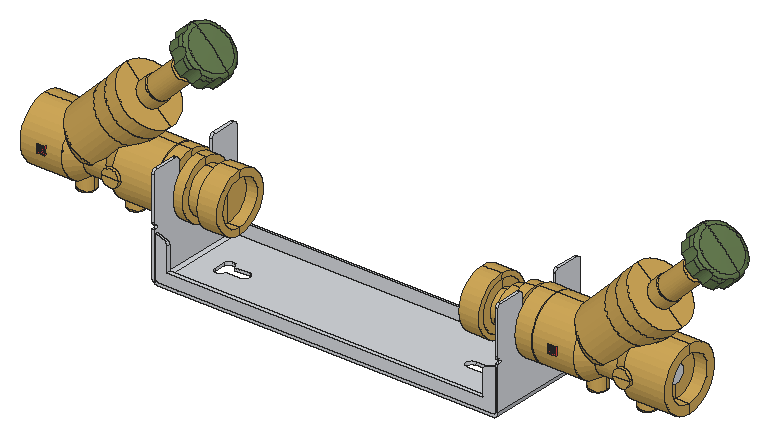
Revit family "Wasserzählergarnitur 4126", category Rohrzubehör, Revit 2018
Family settings
  Bemaßung runder Anschluss = Durchmesser verwenden
  Teiletyp = Unterbricht
  OmniClass-Nummer = 23.65.55.14
  OmniClass-Titel = Valves for Liquid Services
  Arbeitsebenenbasiert = Nein
  Immer vertikal = Ja
  Beim Laden mit Abzugskörper schneiden = Nein
  Gemeinsam genutzt = Nein
Parameters
  Öffnungsdruck des Rückflussverhinderers (Ventil) = "gemäß DIN EN 13959"  # constant formula
  W01 = 20.00°  # constant formula
  URL = "www.herz-armaturen.at"
  T03 [instance] = R02 - 3.000 mm  # 54.500 mm
  T02 = 17.000 mm  # constant formula
  T01 = 3.000 mm  # constant formula
  Spindel = "geschmiedetes Messing CW 617N"  # constant formula
  SW03 [instance] = size_lookup("4126W_", "SW3", 1.000 mm, Nennweite AG)  # 32.500 mm
  SW02 [instance] = size_lookup("4126W_", "SW2", 1.000 mm, Nennweite AG)  # 32.500 mm
  SW01 [instance] = size_lookup("4126W_", "SW1", 1.000 mm, Nennweite AG)  # 35.000 mm
  SC_NennweiteBerechnet = 0
  SC_Dimension = ""
  SCTWSEQ = "AW;SBT_TYP_AW=\"105\";2"
  SCTWCODE = "02;01;02"  # constant formula
  S05 [instance] = L02 + L12 - L03  # 214.500 mm
  S04 [instance] = L02 + L04 - L03  # 211.500 mm
  S03 = 10.000 mm  # constant formula
  S02 [instance] = Nennweite IG  # 50.000 mm
  S01 [instance] = L01 - L03  # 56.000 mm
  S = 3.000 mm  # constant formula
  R50 = 4.000 mm  # constant formula
  R02 [instance] = size_lookup("4126W_", "R2", 1.000 mm, Nennweite AG)  # 57.500 mm
  R01 [instance] = size_lookup("4126W_", "R1", 1.000 mm, Nennweite AG)  # 24.000 mm
  Nennweite IG [instance] = size_lookup("4126W_", "DN1", 1.000 mm, Nennweite AG)  # 50.000 mm
  Nennweite AG [instance] = 50.000 mm
  Medium = "Trinkwasser"  # constant formula
  Max. Differenzdruck auf geschlossenen Sitz (Ventil) = 1000000.0 Pa  # constant formula
  Max. Betriebstemperatur (Ventil) = 80 °C  # constant formula
  Max. Betriebsdruck (Ventil) = 1600000.0 Pa  # constant formula
  L99 [instance] = size_lookup("4126W_", "L99", 1.000 mm, Nennweite AG)  # 300.000 mm
  L15 = 2.000 mm  # constant formula
  L14 [instance] = size_lookup("4126W_", "L14", 1.000 mm, Nennweite AG)  # 64.000 mm
  L13 [instance] = size_lookup("4126W_", "L13", 1.000 mm, Nennweite AG)  # 54.500 mm
  L12 [instance] = size_lookup("4126W_", "L12", 1.000 mm, Nennweite AG)  # 39.500 mm
  L11 [instance] = size_lookup("4126W_", "L11", 1.000 mm, Nennweite AG)  # 70.000 mm
  L10 [instance] = size_lookup("4126W_", "L10", 1.000 mm, Nennweite AG)  # 15.000 mm
  L09 [instance] = size_lookup("4126W_", "L9", 1.000 mm, Nennweite AG)  # 25.500 mm
  L08 [instance] = size_lookup("4126W_", "L8", 1.000 mm, Nennweite AG)  # 13.400 mm
  L07 [instance] = size_lookup("4126W_", "L7", 1.000 mm, Nennweite AG)  # 22.000 mm
  L06 [instance] = size_lookup("4126W_", "L6", 1.000 mm, Nennweite AG)  # 25.000 mm
  L05 [instance] = size_lookup("4126W_", "L5", 1.000 mm, Nennweite AG)  # 35.500 mm
  L04 [instance] = size_lookup("4126W_", "L4", 1.000 mm, Nennweite AG)  # 36.500 mm
  L03 [instance] = size_lookup("4126W_", "L3", 1.000 mm, Nennweite AG)  # 21.000 mm
  L02 [instance] = (L00 / 2) + 1.000 mm  # 196.000 mm
  L01 [instance] = size_lookup("4126W_", "L1", 1.000 mm, Nennweite AG)  # 77.000 mm
  L00 [instance] = size_lookup("4126W_", "L", 1.000 mm, Nennweite AG)  # 390.000 mm
  Kegel = "geschmiedetes Messing CW 617N"  # constant formula
  Hinweis = "Gemäß Art 33 der REACH-Verordnung (EG Nr. 1907/2006) sind wir verpflichtet, darauf hinzuweisen, dass der Stoff Blei auf der SVHC-Liste geführt wird und dass alle aus Messing bestehenden Bauteile, die in unseren Erzeugnissen verarbeitet sind, mehr als 0,1 % (w/w) Blei (CAS: 7439-92-1 / EINECS: 231-100-4) enthalten.\r\nDa Blei als Legierungsbestandteil fest gebunden ist, sind keine Expositionen zu erwarten und daher sind keine zusätzlichen Angaben zur sicheren Verwendung notwendig."
  Hersteller = "HERZ Armaturen Ges.m.b.H."  # constant formula
  Handrad = "Kunststoff, grün"  # constant formula
  H01 [instance] = 75.000 mm  # constant formula
  H00 [instance] = 115.000 mm  # constant formula
  Gelegentliche Temperaturanstiege (Ventil) = "bis 95°C, nicht länger als eine Stunde"  # constant formula
  Gehäuse = "entzinkungsbeständiges Gussmessing CC770S"  # constant formula
  G2 [instance] = Nennweite IG / 2  # 25.000 mm
  G1 [instance] = Nennweite AG / 2  # 25.000 mm
  DN50 [instance] = Nennweite AG = 50.000 mm  # yes
  DN40 [instance] = Nennweite AG = 40.000 mm  # no
  DN32 [instance] = Nennweite AG = 32.000 mm  # no
  DN25 [instance] = Nennweite AG = 25.000 mm  # no
  DN20 [instance] = Nennweite AG = 20.000 mm  # no
  D06 [instance] = size_lookup("4126W_", "D6", 1.000 mm, Nennweite AG)  # 21.500 mm
  D05 [instance] = size_lookup("4126W_", "D5", 1.000 mm, Nennweite AG)  # 27.000 mm
  D04 [instance] = size_lookup("4126W_", "D4", 1.000 mm, Nennweite AG)  # 18.200 mm
  D03 [instance] = size_lookup("4126W_", "D3", 1.000 mm, Nennweite AG)  # 25.000 mm
  D02 [instance] = size_lookup("4126W_", "D2", 1.000 mm, Nennweite AG)  # 25.000 mm
  D01 [instance] = size_lookup("4126W_", "D1", 1.000 mm, Nennweite AG)  # 22.500 mm
  Bügel = "offenen verzinkten Stahlblech"  # constant formula
  Bestellnummer [instance] = size_lookup("4126W_", "Artnr", 0, Nennweite AG)  # 2412666
  Anwendungsgebiet = "Zum Absperren von Trinkwasserleitungen und zum Einsetzen einer Wasserzählergarnitur."
  ABvor [instance] = size_lookup("4126W_", "ABvor", 1.000 mm, Nennweite AG)  # 346.500 mm
  ABnach [instance] = size_lookup("4126W_", "ABnach", 1.000 mm, Nennweite AG)  # 349.500 mm
Reference planes
  plane 1 "Mitte (Vorne/hinten)": y = 0
  plane 2: z = 0
  plane 3 "Mitte (Links/rechts)": x = 0
Forms (mm)
  Extrusion 1, solid, detail levels fine
    sketch origin (0, 0, 0) x (1, 0, 0) y (0, 0, 1)
      loop
        line (195, 40) -> (192, 40) -> (192, -69)
        arc (192, -69) -> (191.121, -71.121) -> (189, -72) r 3
        line (189, -72) -> (-189, -72)
        arc (-189, -72) -> (-191.121, -71.121) -> (-192, -69) r 3
        line (-192, -69) -> (-192, 40) -> (-195, 40) -> (-195, -69)
        arc (-195, -69) -> (-193.243, -73.243) -> (-189, -75) r 6
        line (-189, -75) -> (189, -75)
        arc (189, -75) -> (193.243, -73.243) -> (195, -69) r 6
        line (195, -69) -> (195, 40)
    from -57.5 to 57.5
  Extrusion 2, solid, detail levels fine
    sketch origin (0, 0, 0) x (1, 0, 0) y (0, 0, 1)
      loop
        line (-192, -23.301) -> (-192, -69)
        arc (-192, -69) -> (-191.121, -71.121) -> (-189, -72) r 3
        line (-189, -72) -> (189, -72)
        arc (189, -72) -> (191.121, -71.121) -> (192, -69) r 3
        line (192, -69) -> (192, -23.301) -> (180.632, -27.439)
        arc (180.632, -27.439) -> (178.723, -28.904) -> (178, -31.198) r 4
        line (178, -31.198) -> (178, -58) -> (-178, -58) -> (-178, -31.198)
        arc (-178, -31.198) -> (-178.723, -28.904) -> (-180.632, -27.439) r 4
        line (-180.632, -27.439) -> (-192, -23.301)
    from -57.5 to -54.5
  Extrusion 3, void
    sketch origin (0, 0, 0) x (0, 1, 0) y (0, 0, 1)
      loop
        arc (-24, 0) -> (0, -24) -> (24, 0) r 24
        line (24, 0) -> (24, 36)
        arc (24, 36) -> (25.172, 38.828) -> (28, 40) r 4
        line (28, 40) -> (53.5, 40)
        arc (53.5, 40) -> (56.328, 38.828) -> (57.5, 36) r 4
        line (57.5, 36) -> (57.5, -13)
        arc (57.5, -13) -> (56.621, -15.121) -> (54.5, -16) r 3
        arc (54.5, -16) -> (52.5, -18) -> (54.5, -20) r 2
        line (54.5, -20) -> (65.5, -20) -> (65.5, 45) -> (-65.5, 45) -> (-65.5, -20) -> (-54.5, -20)
        arc (-54.5, -20) -> (-52.5, -18) -> (-54.5, -16) r 2
        arc (-54.5, -16) -> (-56.621, -15.121) -> (-57.5, -13) r 3
        line (-57.5, -13) -> (-57.5, 36)
        arc (-57.5, 36) -> (-56.328, 38.828) -> (-53.5, 40) r 4
        line (-53.5, 40) -> (-28, 40)
        arc (-28, 40) -> (-25.172, 38.828) -> (-24, 36) r 4
        line (-24, 36) -> (-24, 0)
    from 300 to -300
  Extrusion 4, void
    sketch origin (0, 0, 0) x (1, 0, 0) y (0, 1, 0)
      loop
        arc (119.097, 6.1) -> (112.997, 0) -> (119.097, -6.1) r 6.1
        line (119.097, -6.1) -> (158.897, -6.1)
        arc (158.897, -6.1) -> (164.997, 0) -> (158.897, 6.1) r 6.1
        line (158.897, 6.1) -> (119.097, 6.1)
      loop
        line (-165, 6.1) -> (-165, -6.1)
        arc (-165, -6.1) -> (-158.9, -12.2) -> (-152.8, -6.1) r 6.1
        line (-152.8, -6.1) -> (-136.1, -6.1)
        arc (-136.1, -6.1) -> (-130, 0) -> (-136.1, 6.1) r 6.1
        line (-136.1, 6.1) -> (-152.8, 6.1)
        arc (-152.8, 6.1) -> (-158.9, 12.2) -> (-165, 6.1) r 6.1
    from -75 to -72
  Revolve 5, solid, material "Messing, weicher Gelbton, geschweißt", detail levels fine
    sketch origin (0, 0, 0) x (1, 0, 0) y (0, 0, 1)
      loop
        line (-232.5, 0) -> (-155.5, 0) -> (-155.5, 25) -> (-180.5, 25) -> (-180.5, 32.5) -> (-191, 32.5) -> (-191, 22.5) -> (-196, 22.5) -> (-196, 35) -> (-211.5, 35) -> (-211.5, 25) -> (-232.5, 25) -> (-232.5, 0)
      axis (-232.5, 0) -> (-155.5, 0)
    angle from 0 to 360
  Revolve 6, solid, material "Messing, weicher Gelbton, geschweißt", detail levels fine
    sketch origin (0, 0, 0) x (1, 0, 0) y (0, 0, 1)
      loop
        line (-164.1, 0) -> (-155.5, 0) -> (-155.5, 25) -> (-142.1, 25) -> (-142.1, 32.5) -> (-164.1, 32.5) -> (-164.1, 0)
      axis (-164.1, 0) -> (-142.1, 0)
    angle from 0 to 360
  Revolve 7, solid, material "Messing, weicher Gelbton, geschweißt", detail levels fine
    sketch origin (0, 0, 0) x (-1, 0, 0) y (0, 0, 1)
      loop
        line (-235.5, 0) -> (-198, 0) -> (-198, 18.2) -> (-165.5, 18.2) -> (-165.5, 25) -> (-180.5, 25) -> (-180.5, 32.5) -> (-191, 32.5) -> (-191, 22.5) -> (-196, 22.5) -> (-196, 35) -> (-214.5, 35) -> (-214.5, 25) -> (-235.5, 25) -> (-235.5, 0)
      axis (-235.5, 0) -> (-165.5, 0)
    angle from 0 to 360
  Revolve 8, solid, material "Messing, weicher Gelbton, geschweißt", detail levels fine
    sketch origin (0, 0, 0) x (1, 0, 0) y (0, 0, 1)
      loop
        line (208.5, 0) -> (208.5, 18.2) -> (154, 18.2) -> (154, 27) -> (146.5, 27) -> (146.5, 21.5) -> (144.5, 21.5) -> (144.5, 0) -> (208.5, 0)
      axis (144.5, 0) -> (208.5, 0)
    angle from 0 to 360
  Revolve 9, solid, material "Messing, weicher Gelbton, geschweißt", detail levels fine
    sketch origin (-18.22, 0, 0) x (-1, 0, 0) y (0, 0, 1)
      loop
        line (-171.32, 0) -> (-162.72, 0) -> (-162.72, 25) -> (-149.32, 25) -> (-149.32, 32.5) -> (-171.32, 32.5) -> (-171.32, 0)
      axis (-171.32, 0) -> (-149.32, 0)
    angle from 0 to 360
  Extrusion 10, solid, detail levels fine
    sketch origin (0, 0, 0) x (1, 0, 0) y (0, 0, 1)
      loop
        line (-192, -23.301) -> (-192, -69)
        arc (-192, -69) -> (-191.121, -71.121) -> (-189, -72) r 3
        line (-189, -72) -> (189, -72)
        arc (189, -72) -> (191.121, -71.121) -> (192, -69) r 3
        line (192, -69) -> (192, -23.301) -> (180.632, -27.439)
        arc (180.632, -27.439) -> (178.723, -28.904) -> (178, -31.198) r 4
        line (178, -31.198) -> (178, -58) -> (-178, -58) -> (-178, -31.198)
        arc (-178, -31.198) -> (-178.723, -28.904) -> (-180.632, -27.439) r 4
        line (-180.632, -27.439) -> (-192, -23.301)
    from 54.5 to 57.5
  Extrusion 11, solid, detail levels fine
    sketch origin (55, 0, 0) x (0, 1, 0) y (0, 0, -1)
      loop
        circle (0, 0) r 10
    from 398.5 to 401.5
  Extrusion 12, solid, detail levels fine
    sketch origin (125, 0, 0) x (0, 1, 0) y (0, 0, -1)
      loop
        circle (0, 0) r 10
    from -224.5 to -221.5
Cuts and joins
  Extrusion 3, Extrusion 4 cuts Extrusion 1
Lines and regions (mm)
  model lines, detail levels coarse+medium
    curve 1: line (-211.5, 0, 0) -> (-155.5, 0, 0)
    curve 2: line (-155.5, 0, 25) -> (-155.5, 0, -25)
    curve 3: line (-155.5, 0, 25) -> (-165.5, 0, 25)
    curve 4: line (-165.5, 0, 25) -> (-155.5, 0, 0)
    curve 5: line (-155.5, 0, -25) -> (-165.5, 0, -25)
    curve 6: line (-165.5, 0, -25) -> (-155.5, 0, 0)
    curve 7: line (144.5, 0, 25) -> (144.5, 0, -25)
    curve 8: line (144.5, 0, 25) -> (154.5, 0, 25)
    curve 9: line (154.5, 0, 25) -> (144.5, 0, 0)
    curve 10: line (144.5, 0, -25) -> (154.5, 0, -25)
    curve 11: line (154.5, 0, -25) -> (144.5, 0, 0)
    curve 12: line (214.5, 0, 0) -> (144.5, 0, 0)
    curve 13: line (144.5, -25, 0) -> (144.5, 25, 0)
    curve 14: line (144.5, 25, 0) -> (154.5, 25, 0)
    curve 15: line (154.5, 25, 0) -> (144.5, 0, 0)
    curve 16: line (144.5, -25, 0) -> (154.5, -25, 0)
    curve 17: line (154.5, -25, 0) -> (144.5, 0, 0)
    curve 18: line (-155.5, -25, 0) -> (-155.5, 25, 0)
    curve 19: line (-155.5, 25, 0) -> (-165.5, 25, 0)
    curve 20: line (-165.5, 25, 0) -> (-155.5, 0, 0)
    curve 21: line (-155.5, -25, 0) -> (-165.5, -25, 0)
    curve 22: line (-165.5, -25, 0) -> (-155.5, 0, 0)
Dimensions and locks
  "H00": Extrusion 1 sketch curve to Extrusion 1 sketch curve  (x2)
  "T01": Extrusion 1 sketch curve to Extrusion 1 sketch curve  (x3)
  "L00": Extrusion 1 sketch curve to Extrusion 1 sketch curve
  equal spacing: Extrusion 1 sketch curve, plane 3 "Mitte (Links/rechts)", Extrusion 1 sketch curve
  "H01": plane 2 to Extrusion 1 sketch curve
  "T02": Extrusion 2 sketch curve to Extrusion 1
  "T02": Extrusion 1 to Extrusion 2 sketch curve  (x2)
  Extrusion 4 sketch curve to cut or joined group of Extrusion 1, Extrusion 3, Extrusion 4 = 36.103 mm
  Extrusion 4 sketch curve to Extrusion 4 sketch curve = 39.800 mm
  equal spacing: Extrusion 4 sketch curve, plane 1 "Mitte (Vorne/hinten)", Extrusion 4 sketch curve
  Extrusion 4 sketch curve to Extrusion 4 sketch curve = 12.200 mm
  cut or joined group of Extrusion 1, Extrusion 3, Extrusion 4 to Extrusion 4 sketch curve = 36.100 mm
  cut or joined group of Extrusion 1, Extrusion 3, Extrusion 4 to Extrusion 4 sketch curve = 58.900 mm
  "G1": Revolve 5 sketch curve to Revolve 5 sketch curve
  "L03": Revolve 5 sketch curve to Revolve 5 sketch curve
  "L01": Revolve 5 sketch curve to Revolve 5 sketch curve
  "L02": plane 3 "Mitte (Links/rechts)" to Revolve 5 sketch curve
  "SW01": Revolve 5 sketch curve to Revolve 5 sketch curve
  "SW02": Revolve 5 sketch curve to Revolve 5 sketch curve
  "D01": Revolve 5 sketch curve to Revolve 5 sketch curve
  "L04": Revolve 5 sketch curve to Revolve 5 sketch curve
  "L05": Revolve 5 sketch curve to Revolve 5 sketch curve
  "L06": Revolve 5 sketch curve to Revolve 5 sketch curve
  "D02": Revolve 5 sketch curve to Revolve 5 sketch curve
  "L07": Revolve 6 sketch curve to Revolve 6 sketch curve
  "SW03": Revolve 6 sketch curve to plane 2
  "G2": Revolve 6 sketch curve to plane 2
  "L08": Revolve 6 sketch curve to Revolve 5
  "L08": Revolve 6 sketch curve to Revolve 6 sketch curve
  "G1": Revolve 7 sketch curve to Revolve 7 sketch curve
  "L03": Revolve 7 sketch curve to Revolve 7 sketch curve
  "L11": Revolve 7 sketch curve to Revolve 7 sketch curve
  "SW01": Revolve 7 sketch curve to Revolve 7 sketch curve
  "SW02": Revolve 7 sketch curve to Revolve 7 sketch curve
  "D01": Revolve 7 sketch curve to Revolve 7 sketch curve
  "L12": Revolve 7 sketch curve to Revolve 7 sketch curve
  "L09": Revolve 7 sketch curve to Revolve 7 sketch curve
  "L10": Revolve 7 sketch curve to Revolve 7 sketch curve
  "D03": Revolve 7 sketch curve to Revolve 7 sketch curve
  "L02": plane 3 "Mitte (Links/rechts)" to Revolve 7 sketch curve
  "D04": Revolve 7 sketch curve to plane 2
  "D04": Revolve 8 sketch curve to Revolve 8 sketch curve
  "L13": Revolve 8 sketch curve to Revolve 8 sketch curve
  "L14": Revolve 8 sketch curve to Revolve 8 sketch curve
  "L15": Revolve 8 sketch curve to Revolve 8 sketch curve
  "D05": Revolve 8 sketch curve to Revolve 8 sketch curve
  "D06": Revolve 8 sketch curve to Revolve 8 sketch curve
  "L99": Revolve 5 to Revolve 8
  "L07": Revolve 9 sketch curve to Revolve 9 sketch curve
  "L08": Revolve 9 sketch curve to Revolve 9 sketch curve
  "L08": Revolve 8 to Revolve 9 sketch curve
  "T03": plane 1 "Mitte (Vorne/hinten)" to Extrusion 2
  "R02": cut or joined group of Extrusion 1, Extrusion 3, Extrusion 4 to plane 1 "Mitte (Vorne/hinten)" to cut or joined group of Extrusion 1, Extrusion 3, Extrusion 4
  "R02": plane 1 "Mitte (Vorne/hinten)" to Extrusion 2
  "R02": Extrusion 3 sketch curve to plane 1 "Mitte (Vorne/hinten)" to Extrusion 3 sketch curve
  "R01": Extrusion 3 sketch curve to plane 1 "Mitte (Vorne/hinten)" to Extrusion 3 sketch curve
  "T02": cut or joined group of Extrusion 1, Extrusion 3, Extrusion 4 to Extrusion 10 sketch curve  (x2)
  "T02": Extrusion 10 sketch curve to cut or joined group of Extrusion 1, Extrusion 3, Extrusion 4
  "T03": Extrusion 10 to plane 1 "Mitte (Vorne/hinten)"
  "R02": Extrusion 10 to plane 1 "Mitte (Vorne/hinten)"
  "G2": Revolve 9 sketch curve to plane 2
  "SW03": Revolve 9 sketch curve to level
  "S01": curve 1 to curve 1
  equal spacing: curve 2, plane 2, curve 2
  "S02": curve 2 to curve 2
  "S03": curve 4 to curve 2
  "S04": plane 3 "Mitte (Links/rechts)" to curve 1
  "S03": curve 6 to curve 2
  equal spacing: curve 7, plane 2, curve 7
  "S02": curve 7 to curve 7
  "S03": curve 9 to curve 7
  "S03": curve 11 to curve 7
  "S05": curve 12 to plane 3 "Mitte (Links/rechts)"
  "L99": curve 12 to curve 6
  equal spacing: curve 13, plane 1 "Mitte (Vorne/hinten)", curve 13
  "S02": curve 13 to curve 13
  "S03": curve 13 to curve 15
  "S03": curve 13 to curve 17
  equal spacing: curve 18, plane 1 "Mitte (Vorne/hinten)", curve 18
  "S02": curve 18 to curve 18
  "S03": curve 18 to curve 20
  "S03": curve 18 to curve 22
  "L99": curve 18 to Revolve 9
  "L99": Revolve 6 to curve 13
  "ABnach": Extrusion 12 to plane 3 "Mitte (Links/rechts)"
  "ABvor": plane 3 "Mitte (Links/rechts)" to Extrusion 11
  "S": Extrusion 11 to Extrusion 11
  "S": Extrusion 12 to Extrusion 12
  radius of Extrusion 4 sketch curve = 6.100 mm  (x3)
  "R50": radius of Extrusion 3 sketch curve  (x4)
  "W01": angle Extrusion 2 sketch curve to plane 2
  "W01": angle plane 2 to Extrusion 2 sketch curve
  "W01": angle Extrusion 10 sketch curve to plane 2
  "W01": angle plane 2 to Extrusion 10 sketch curve
  aligned and locked: level to plane 2
Automatic sketch dimensions
  plane 1 "Mitte (Vorne/hinten)" to Extrusion 4 sketch curve = 0.000 mm
  Extrusion 4 sketch curve to Extrusion 4 sketch curve = 0.000 mm  (x2)
  Extrusion 4 sketch curve to Extrusion 4 sketch curve = 6.100 mm
  Revolve 5 sketch curve to level = 0.000 mm  (x2)
  Revolve 5 sketch curve to Revolve 5 sketch curve = 1448.205 mm
  plane 3 "Mitte (Links/rechts)" to Revolve 5 sketch curve = 1739.472 mm
  Revolve 6 sketch curve to level = 0.000 mm  (x2)
  Revolve 6 sketch curve to Revolve 6 sketch curve = 1428.686 mm
  plane 3 "Mitte (Links/rechts)" to Revolve 6 sketch curve = 1839.148 mm
  Revolve 7 sketch curve to level = 0.000 mm  (x2)
  Revolve 7 sketch curve to Revolve 7 sketch curve = 2.000 mm
  Revolve 7 sketch curve to Revolve 7 sketch curve = 1448.205 mm
  plane 3 "Mitte (Links/rechts)" to Revolve 7 sketch curve = 1739.472 mm
  Revolve 9 sketch curve to level = 0.000 mm  (x2)
  Revolve 9 sketch curve to Revolve 9 sketch curve = 1428.686 mm
  plane 3 "Mitte (Links/rechts)" to Revolve 9 sketch curve = 1857.367 mm
  Extrusion 11 sketch curve to level = 0.000 mm
  Extrusion 11 sketch curve to plane 1 "Mitte (Vorne/hinten)" = 0.000 mm
  Extrusion 12 sketch curve to level = 0.000 mm
  Extrusion 12 sketch curve to plane 1 "Mitte (Vorne/hinten)" = 0.000 mm
  curve 12 to level = 0.000 mm
  curve 1 to level = 0.000 mm
  plane 1 "Mitte (Vorne/hinten)" to curve 15 = 0.000 mm
  plane 1 "Mitte (Vorne/hinten)" to curve 17 = 0.000 mm
  plane 1 "Mitte (Vorne/hinten)" to curve 20 = 0.000 mm
  plane 1 "Mitte (Vorne/hinten)" to curve 22 = 0.000 mm
  Extrusion 1 sketch curve to Extrusion 1 sketch curve = 0.000 mm  (x2)
  Extrusion 1 sketch curve to Extrusion 1 sketch curve = 3.000 mm  (x2)
  Extrusion 2 sketch curve to level = 27.439 mm  (x2)
  Extrusion 2 sketch curve to Extrusion 2 sketch curve = 2.632 mm  (x2)
  Extrusion 2 sketch curve to Extrusion 2 sketch curve = 4.000 mm  (x2)
  Extrusion 2 sketch curve to Extrusion 2 sketch curve = 11.000 mm  (x3)
  Extrusion 2 sketch curve to Extrusion 2 sketch curve = 11.368 mm
  Extrusion 2 sketch curve to level = 23.301 mm
  Extrusion 3 sketch curve to level = 0.000 mm
  Extrusion 3 sketch curve to Extrusion 3 sketch curve = 8.000 mm  (x2)
  Extrusion 3 sketch curve to Extrusion 3 sketch curve = 3.000 mm  (x2)
  Extrusion 3 sketch curve to level = 13.000 mm  (x2)
  Extrusion 3 sketch curve to Extrusion 3 sketch curve = 2.000 mm  (x3)
  Extrusion 3 sketch curve to Extrusion 3 sketch curve = 7.000 mm
  level to Extrusion 3 sketch curve = 36.000 mm  (x2)
  Extrusion 3 sketch curve to Extrusion 3 sketch curve = 9.000 mm
  Revolve 8 sketch curve to level = 0.000 mm  (x2)
  plane 3 "Mitte (Links/rechts)" to Revolve 8 sketch curve = 144.500 mm
  Revolve 8 sketch curve to plane 3 "Mitte (Links/rechts)" = 1506.530 mm
  Revolve 8 sketch curve to Revolve 8 sketch curve = 1759.148 mm
  Extrusion 10 sketch curve to level = 27.439 mm  (x2)
  Extrusion 10 sketch curve to Extrusion 10 sketch curve = 2.632 mm  (x2)
  Extrusion 10 sketch curve to Extrusion 10 sketch curve = 1.368 mm
  Extrusion 10 sketch curve to Extrusion 10 sketch curve = 11.000 mm  (x3)
  Extrusion 10 sketch curve to level = 23.301 mm
  Extrusion 10 sketch curve to Extrusion 10 sketch curve = 4.000 mm
  Extrusion 10 sketch curve to Extrusion 10 sketch curve = 11.368 mm
  radius of Extrusion 11 sketch curve = 10.000 mm
  radius of Extrusion 12 sketch curve = 10.000 mm
Nested families
  nested 1: "Rückflussverhinderer 4126" at (-182.5, 0, 0), visible <- "DN20", type "Rückflussverhinderer 4126"
    with S02 95.900 mm, S01 32.000 mm, R12 15.000 mm, R11 5.400 mm, R10 8.500 mm, R09 11.750 mm, R08 13.000 mm, R07 16.500 mm, R06 14.600 mm, R05 10.000 mm, R04 9.500 mm, R02 10.000 mm, R01 16.000 mm, Nennweite 20.000 mm, L16 12.000 mm, L15 12.400 mm, L14 8.000 mm, L12 33.500 mm, L11 12.500 mm, L10 11.000 mm, L09 15.500 mm, L08 30.100 mm, L07 13.500 mm, L06 34.500 mm, L05 26.500 mm, L04 25.500 mm, L02 8.000 mm, L01 24.000 mm, L00 75.000 mm, H01 26.400 mm, DN50 no, DN40 no, DN32 no, DN25-DN50 no, DN25 no, DN20 yes, DN15 no, Bestellnummer 2412602
  nested 2: "Rückflussverhinderer 4126" at (183.5, 0, 0), visible <- "DN20", type "Rückflussverhinderer 4126"
    with S02 95.900 mm, S01 32.000 mm, R12 15.000 mm, R11 5.400 mm, R10 8.500 mm, R09 11.750 mm, R08 13.000 mm, R07 16.500 mm, R06 14.600 mm, R05 10.000 mm, R04 9.500 mm, R02 10.000 mm, R01 16.000 mm, Nennweite 20.000 mm, L16 12.000 mm, L15 12.400 mm, L14 8.000 mm, L12 33.500 mm, L11 12.500 mm, L10 11.000 mm, L09 15.500 mm, L08 30.100 mm, L07 13.500 mm, L06 34.500 mm, L05 26.500 mm, L04 25.500 mm, L02 8.000 mm, L01 24.000 mm, L00 75.000 mm, H01 26.400 mm, DN50 no, DN40 no, DN32 no, DN25-DN50 no, DN25 no, DN20 yes, DN15 no, Bestellnummer 2412602
  nested 3: "Rückflussverhinderer 4126" at (-190, 0, 0), visible <- "DN25", type "Rückflussverhinderer 4126"
    with S02 113.800 mm, S01 41.000 mm, R12 19.500 mm, R11 6.000 mm, R10 9.000 mm, R09 12.750 mm, R08 14.000 mm, R07 20.000 mm, R06 17.750 mm, R05 12.500 mm, R04 9.500 mm, R02 12.500 mm, R01 20.500 mm, Nennweite 25.000 mm, L16 13.500 mm, L15 12.400 mm, L14 12.000 mm, L12 43.400 mm, L11 22.400 mm, L10 11.000 mm, L09 19.500 mm, L08 34.000 mm, L07 18.000 mm, L06 38.500 mm, L05 25.500 mm, L04 25.500 mm, L02 11.000 mm, L01 27.000 mm, L00 90.000 mm, H01 32.000 mm, DN50 no, DN40 no, DN32 no, DN25-DN50 yes, DN25 yes, DN20 no, DN15 no, Bestellnummer 2412603
  nested 4: "Rückflussverhinderer 4126" at (191, 0, 0), visible <- "DN25", type "Rückflussverhinderer 4126"
    with S02 113.800 mm, S01 41.000 mm, R12 19.500 mm, R11 6.000 mm, R10 9.000 mm, R09 12.750 mm, R08 14.000 mm, R07 20.000 mm, R06 17.750 mm, R05 12.500 mm, R04 9.500 mm, R02 12.500 mm, R01 20.500 mm, Nennweite 25.000 mm, L16 13.500 mm, L15 12.400 mm, L14 12.000 mm, L12 43.400 mm, L11 22.400 mm, L10 11.000 mm, L09 19.500 mm, L08 34.000 mm, L07 18.000 mm, L06 38.500 mm, L05 25.500 mm, L04 25.500 mm, L02 11.000 mm, L01 27.000 mm, L00 90.000 mm, H01 32.000 mm, DN50 no, DN40 no, DN32 no, DN25-DN50 yes, DN25 yes, DN20 no, DN15 no, Bestellnummer 2412603
  nested 5: "Rückflussverhinderer 4126" at (-200, 0, 0), visible <- "DN32", type "Rückflussverhinderer 4126"
    with S02 129.700 mm, S01 50.000 mm, R12 24.000 mm, R11 6.000 mm, R10 9.000 mm, R09 12.750 mm, R08 14.000 mm, R07 25.000 mm, R06 24.000 mm, R05 16.000 mm, R04 9.500 mm, R02 16.000 mm, R01 25.000 mm, Nennweite 32.000 mm, L16 16.500 mm, L15 12.400 mm, L14 12.000 mm, L12 47.300 mm, L11 26.300 mm, L10 11.000 mm, L09 10.000 mm, L08 52.700 mm, L07 20.000 mm, L06 60.000 mm, L05 28.600 mm, L04 27.500 mm, L02 7.500 mm, L01 33.000 mm, L00 110.000 mm, H01 39.000 mm, DN50 no, DN40 no, DN32 yes, DN25-DN50 yes, DN25 no, DN20 no, DN15 no, Bestellnummer 2412604
  nested 6: "Rückflussverhinderer 4126" at (201, 0, 0), visible <- "DN32", type "Rückflussverhinderer 4126"
    with S02 129.700 mm, S01 50.000 mm, R12 24.000 mm, R11 6.000 mm, R10 9.000 mm, R09 12.750 mm, R08 14.000 mm, R07 25.000 mm, R06 24.000 mm, R05 16.000 mm, R04 9.500 mm, R02 16.000 mm, R01 25.000 mm, Nennweite 32.000 mm, L16 16.500 mm, L15 12.400 mm, L14 12.000 mm, L12 47.300 mm, L11 26.300 mm, L10 11.000 mm, L09 10.000 mm, L08 52.700 mm, L07 20.000 mm, L06 60.000 mm, L05 28.600 mm, L04 27.500 mm, L02 7.500 mm, L01 33.000 mm, L00 110.000 mm, H01 39.000 mm, DN50 no, DN40 no, DN32 yes, DN25-DN50 yes, DN25 no, DN20 no, DN15 no, Bestellnummer 2412604
  nested 7: "Rückflussverhinderer 4126" at (-274.5, 0, 0), visible <- "DN40", type "Rückflussverhinderer 4126"
    with S02 143.400 mm, S01 55.000 mm, R12 26.500 mm, R11 6.000 mm, R10 9.000 mm, R09 12.750 mm, R08 14.000 mm, R07 28.500 mm, R06 27.000 mm, R05 20.000 mm, R04 9.500 mm, R02 20.000 mm, R01 27.500 mm, Nennweite 40.000 mm, L16 19.000 mm, L15 12.400 mm, L14 14.000 mm, L12 50.000 mm, L11 28.000 mm, L10 12.000 mm, L09 15.000 mm, L08 51.500 mm, L07 21.000 mm, L06 66.000 mm, L05 32.000 mm, L04 31.000 mm, L02 9.000 mm, L01 38.000 mm, L00 120.000 mm, H01 40.000 mm, DN50 no, DN40 yes, DN32 no, DN25-DN50 yes, DN25 no, DN20 no, DN15 no, Bestellnummer 2412605
  nested 8: "Rückflussverhinderer 4126" at (274.5, 0, 0), visible <- "DN40", type "Rückflussverhinderer 4126"
    with S02 143.400 mm, S01 55.000 mm, R12 26.500 mm, R11 6.000 mm, R10 9.000 mm, R09 12.750 mm, R08 14.000 mm, R07 28.500 mm, R06 27.000 mm, R05 20.000 mm, R04 9.500 mm, R02 20.000 mm, R01 27.500 mm, Nennweite 40.000 mm, L16 19.000 mm, L15 12.400 mm, L14 14.000 mm, L12 50.000 mm, L11 28.000 mm, L10 12.000 mm, L09 15.000 mm, L08 51.500 mm, L07 21.000 mm, L06 66.000 mm, L05 32.000 mm, L04 31.000 mm, L02 9.000 mm, L01 38.000 mm, L00 120.000 mm, H01 40.000 mm, DN50 no, DN40 yes, DN32 no, DN25-DN50 yes, DN25 no, DN20 no, DN15 no, Bestellnummer 2412605
  nested 9: "Rückflussverhinderer 4126" at (-286.5, 0, 0), visible <- "DN50", type "Rückflussverhinderer 4126"
    with S02 182.900 mm, S01 70.000 mm, R12 34.000 mm, R11 6.000 mm, R10 9.000 mm, R09 13.000 mm, R08 14.000 mm, R07 35.000 mm, R06 33.500 mm, R05 25.000 mm, R04 9.500 mm, R02 25.000 mm, R01 35.000 mm, Nennweite 50.000 mm, L16 23.500 mm, L15 12.400 mm, L14 19.000 mm, L12 66.500 mm, L11 41.000 mm, L10 15.500 mm, L09 17.500 mm, L08 66.000 mm, L07 31.500 mm, L06 86.500 mm, L05 36.500 mm, L04 37.500 mm, L02 13.000 mm, L01 47.000 mm, L00 150.000 mm, H01 45.000 mm, DN50 yes, DN40 no, DN32 no, DN25-DN50 yes, DN25 no, DN20 no, DN15 no, Bestellnummer 2412606
  nested 10: "Rückflussverhinderer 4126" at (289.5, 0, 0), visible <- "DN50", type "Rückflussverhinderer 4126"
    with S02 182.900 mm, S01 70.000 mm, R12 34.000 mm, R11 6.000 mm, R10 9.000 mm, R09 13.000 mm, R08 14.000 mm, R07 35.000 mm, R06 33.500 mm, R05 25.000 mm, R04 9.500 mm, R02 25.000 mm, R01 35.000 mm, Nennweite 50.000 mm, L16 23.500 mm, L15 12.400 mm, L14 19.000 mm, L12 66.500 mm, L11 41.000 mm, L10 15.500 mm, L09 17.500 mm, L08 66.000 mm, L07 31.500 mm, L06 86.500 mm, L05 36.500 mm, L04 37.500 mm, L02 13.000 mm, L01 47.000 mm, L00 150.000 mm, H01 45.000 mm, DN50 yes, DN40 no, DN32 no, DN25-DN50 yes, DN25 no, DN20 no, DN15 no, Bestellnummer 2412606
Connectors
  piping at (-346.5, 0, 0), diameter 50, driven by "Nennweite AG"
    settings: on Extrusion 11, index 1, connector inside diameter 609.6 mm, connector length 0.000 mm, flow factor 0, pipe flow 0.0 L/s, pressure drop 0.0 Pa, fitting loss kfactor 0, connector angle 0.00°, fixture units 0, engagement length 0.000 mm, angle of deflection 0.00°, flow configuration 0, flow direction 1, fitting loss method 0, system type 20, joint type 0, gender type 0, connector reference index -1, connector utility 0, adjustable connector no, is connector primary yes, connector description ""
  piping at (349.5, 0, 0), diameter 50, driven by "Nennweite AG"
    settings: on Extrusion 12, index 2, connector inside diameter 609.6 mm, connector length 0.000 mm, flow factor 0, pipe flow 0.0 L/s, pressure drop 0.0 Pa, fitting loss kfactor 0, connector angle 0.00°, fixture units 0, engagement length 0.000 mm, angle of deflection 0.00°, flow configuration 0, flow direction 2, fitting loss method 0, system type 20, joint type 0, gender type 0, connector reference index -1, connector utility 0, adjustable connector no, is connector primary no, connector description ""
Definition of nested family "Rückflussverhinderer 4126"
  Parameters (values of type "Rückflussverhinderer 4126")
    W01 = 45.00°  # constant formula
    URL = "www.herz-armaturen.at"
    Spindel = "geschmiedetes Messing CW617N"  # constant formula
    SW01 = 60.00°  # constant formula
    SC_NennweiteBerechnet = 0
    SC_Dimension = ""
    SCTWSEQ = "FW;SBT_TYP_FW=\"109\";2"
    SCTWCODE = "04;00;02"  # constant formula
    S03 = 60.000 mm  # constant formula
    S02 [instance] = L06 + L09 + L12 + L15  # 95.900 mm
    S01 [instance] = R01 * 2  # 32.000 mm
    R12 [instance] = R01 - 1.000 mm  # 15.000 mm
    R11 [instance] = size_lookup("4126_", "R11", 46.500 mm, Nennweite)  # 5.400 mm
    R100 = 1.000 mm  # constant formula
    R10 [instance] = size_lookup("4126_", "R10", 46.500 mm, Nennweite)  # 8.500 mm
    R09 [instance] = size_lookup("4126_", "R9", 46.500 mm, Nennweite)  # 11.750 mm
    R08 [instance] = size_lookup("4126_", "R8", 46.500 mm, Nennweite)  # 13.000 mm
    R07 [instance] = size_lookup("4126_", "R7", 46.500 mm, Nennweite)  # 16.500 mm
    R06 [instance] = size_lookup("4126_", "R6", 43.000 mm, Nennweite)  # 14.600 mm
    R05 [instance] = Nennweite / 2  # 10.000 mm
    R04 [instance] = size_lookup("4126_", "R4", 11.500 mm, Nennweite)  # 9.500 mm
    R03 = 9.500 mm  # constant formula
    R02 [instance] = Nennweite / 2  # 10.000 mm
    R01 [instance] = size_lookup("4126_", "R1", 11.500 mm, Nennweite)  # 16.000 mm
    Nennweite [instance] = 20.000 mm
    Max.Betriebstemperatur = 80 °C  # constant formula
    Max.Betriebsdruck = 1600000.0 Pa  # constant formula
    L16 [instance] = L01 / 2  # 12.000 mm
    L15 [instance] = size_lookup("4126_", "L15", 12.400 mm, Nennweite)  # 12.400 mm
    L14 [instance] = size_lookup("4126_", "L14", 81.000 mm, Nennweite)  # 8.000 mm
    L12 [instance] = size_lookup("4126_", "L12", 81.000 mm, Nennweite)  # 33.500 mm
    L11 [instance] = size_lookup("4126_", "L11", 60.000 mm, Nennweite)  # 12.500 mm
    L10 [instance] = size_lookup("4126_", "L10", 20.000 mm, Nennweite)  # 11.000 mm
    L09 [instance] = size_lookup("4126_", "L9", 11.000 mm, Nennweite)  # 15.500 mm
    L08 [instance] = size_lookup("4126_", "L8", 35.000 mm, Nennweite)  # 30.100 mm
    L07 [instance] = size_lookup("4126_", "L7", 35.000 mm, Nennweite)  # 13.500 mm
    L06 [instance] = size_lookup("4126_", "L6", 118.000 mm, Nennweite) - L09  # 34.500 mm
    L05 [instance] = size_lookup("4126_", "L5", 44.000 mm, Nennweite)  # 26.500 mm
    L04 [instance] = size_lookup("4126_", "L4", 45.000 mm, Nennweite)  # 25.500 mm
    L03 = 15.000 mm  # constant formula
    L02 [instance] = size_lookup("4126_", "L2", 22.000 mm, Nennweite)  # 8.000 mm
    L01 [instance] = size_lookup("4126_", "L1", 48.000 mm, Nennweite)  # 24.000 mm
    L00 [instance] = size_lookup("4126_", "L", 180.000 mm, Nennweite)  # 75.000 mm
    Kegel = "geschmiedetes Messing CW617N"  # constant formula
    Manufacturer = "Herz-Armaturen GmbH"  # constant formula
    Handrad = "Kunststoff, grün"  # constant formula
    H01 [instance] = size_lookup("4126_", "H1", 53.000 mm, Nennweite)  # 26.400 mm
    Gehäuse = "entzinkungsbeständiges Gussmessing CC770S"  # constant formula
    DN50 [instance] = Nennweite = 50.000 mm  # no
    DN40 [instance] = Nennweite = 40.000 mm  # no
    DN32 [instance] = Nennweite = 32.000 mm  # no
    DN25-DN50 [instance] = or(Nennweite = 25.000 mm, Nennweite = 32.000 mm, Nennweite = 40.000 mm, Nennweite = 50.000 mm)  # no
    DN25 [instance] = Nennweite = 25.000 mm  # no
    DN20 [instance] = Nennweite = 20.000 mm  # yes
    DN15 [instance] = Nennweite = 15.000 mm  # no
    Bestellnummer [instance] = size_lookup("4126_", "Artnr", 0, Nennweite)  # 2412602
    Anwendungsgebiet = "Zum Absperren von Trinkwasserleitungen und -anlagen in Gebäuden\r\nMax. Betreibstemp.: 80°C (gelegentlicher Temperaturansteig bis 95°C sind zulässig, wenn sie nicht länger als 1h andauern)\r\nMax. Betiebsdruck: 10bar"
  Reference planes
    plane 1 "Mitte (Vorne/hinten)": y = 0
    plane 2: z = 0
    plane 3 "Mitte (Links/rechts)": x = 0
  Forms (mm)
    Revolve 1, solid, detail levels fine
      sketch origin (470, 0, 0) x (1, 0, 0) y (0, 0, 1)
        loop
          line (-507.5, 10) -> (-492.5, 10) -> (-492.5, 0) -> (-447.5, 0) -> (-447.5, 10) -> (-432.5, 10) -> (-432.5, 16) -> (-456.5, 16) -> (-462, 10) -> (-478, 10) -> (-483.5, 16) -> (-507.5, 16) -> (-507.5, 10)
        axis (-507.5, 0) -> (-432.5, 0)
      angle from 0 to 360
    Revolve 2, solid, detail levels fine
      sketch origin (470, 0, 0) x (1, 0, 0) y (0, 0, 1)
        loop
          line (-493, 0) -> (-493, -25.4)
          arc (-493, -25.4) -> (-492.707, -26.107) -> (-492, -26.4) r 1
          line (-492, -26.4) -> (-483.5, -26.4) -> (-483.5, 0) -> (-493, 0)
        axis (-483.5, 0) -> (-483.5, -26.4)
      angle from 0 to 360
    Revolve 3, solid, detail levels fine
      sketch origin (0, 0, 0) x (1, 0, 0) y (0, 1, 0)
        loop
          line (13.5, -25.5) -> (23, -25.5) -> (23, 26.5) -> (13.5, 26.5) -> (13.5, -25.5)
        axis (13.5, -25.5) -> (13.5, 26.5)
      angle from 0 to 360
    Revolve 4, solid, visible <- "DN25-DN50", detail levels fine
      sketch origin (-470, 0, 0) x (-1, 0, 0) y (0, 0, 1)
        loop
          line (-493, 0) -> (-493, -25.4)
          arc (-493, -25.4) -> (-492.707, -26.107) -> (-492, -26.4) r 1
          line (-492, -26.4) -> (-483.5, -26.4) -> (-483.5, 0) -> (-493, 0)
        axis (-483.5, 0) -> (-483.5, -26.4)
      angle from 0 to 360
    Revolve 5, solid, detail levels fine
      sketch origin (0.32, 0, -0.105) x (1, 0, 0) y (0, 0, 1)
        loop
          line (-13.82, 0) -> (53.991, 67.812) -> (50.173, 71.63) -> (41.405, 62.862) -> (39.213, 65.054) -> (32.142, 57.983) -> (29.844, 60.281) -> (21.005, 51.442) -> (20.121, 52.326) -> (12.343, 44.548) -> (9.868, 47.023) -> (-1.092, 36.062) -> (-2.86, 31.608) -> (-18.487, 15.981) -> (-20.891, 7.071) -> (-13.82, 0)
        axis (-13.82, 0) -> (53.991, 67.812)
      angle from 0 to 360
  Lines and regions (mm)
    model lines, detail levels coarse+medium
      curve 1: line (-37.5, 0, 16) -> (-37.5, 0, -16)
      curve 2: line (-37.5, 0, -16) -> (37.5, 0, 16)
      curve 3: line (37.5, 0, 16) -> (37.5, 0, -16)
      curve 4: line (37.5, 0, -16) -> (-37.5, 0, 16)
      curve 5: line (0, 0, 0) -> (47.95, 0, 83.052)
      curve 6: line (21.969, 0, 98.052) -> (73.931, 0, 68.052)
      curve 7: line (-37.5, -16, 0) -> (-37.5, 16, 0)
      curve 8: line (-37.5, 16, 0) -> (37.5, -16, 0)
      curve 9: line (37.5, -16, 0) -> (37.5, 16, 0)
      curve 10: line (37.5, 16, 0) -> (-37.5, -16, 0)
      curve 11: line (0, 0, 0) -> (47.95, 83.052, 0)
      curve 12: line (21.969, 98.052, 0) -> (73.931, 68.052, 0)
  Dimensions and locks
    "H01": plane 2 to Revolve 2 sketch curve
    "L00": Revolve 1 sketch curve to Revolve 1 sketch curve
    equal spacing: Revolve 1 sketch curve, plane 3 "Mitte (Links/rechts)", Revolve 1 sketch curve
    "R01": Revolve 1 sketch curve to Revolve 1 sketch curve  (x2)
    "R02": Revolve 1 sketch curve to Revolve 1 sketch curve  (x3)
    "L01": Revolve 1 sketch curve to Revolve 1 sketch curve  (x2)
    "L02": plane 3 "Mitte (Links/rechts)" to Revolve 1 sketch curve
    "L02": Revolve 1 sketch curve to plane 3 "Mitte (Links/rechts)"
    "L03": Revolve 1 sketch curve to Revolve 1 sketch curve  (x2)
    "L01": Revolve 1 to Revolve 2 sketch curve
    "R03": Revolve 2 sketch curve to Revolve 2 sketch curve
    "L01": Revolve 4 sketch curve to Revolve 1
    "R03": Revolve 4 sketch curve to Revolve 4 sketch curve
    "H01": plane 2 to Revolve 4 sketch curve
    "L04": Revolve 3 sketch curve to plane 1 "Mitte (Vorne/hinten)"
    "L05": plane 1 "Mitte (Vorne/hinten)" to Revolve 3 sketch curve
    "R04": Revolve 3 sketch curve to Revolve 3 sketch curve
    "L01": Revolve 3 sketch curve to Revolve 1
    "R07": Revolve 5 sketch curve to Revolve 5 sketch curve
    "L07": plane 3 "Mitte (Links/rechts)" to Revolve 5 sketch curve
    "R05": Revolve 5 sketch curve to Revolve 5 sketch curve
    "L06": Revolve 5 sketch curve to Revolve 5 sketch curve
    "L08": Revolve 5 sketch curve to Revolve 5 sketch curve
    "R06": Revolve 5 sketch curve to Revolve 5 sketch curve
    "L14": Revolve 5 sketch curve to Revolve 5 sketch curve
    "L09": Revolve 5 sketch curve to Revolve 5 sketch curve
    "R08": Revolve 5 sketch curve to Revolve 5 sketch curve
    "L10": Revolve 5 sketch curve to Revolve 5 sketch curve
    "R09": Revolve 5 sketch curve to Revolve 5 sketch curve
    "R10": Revolve 5 sketch curve to Revolve 5 sketch curve
    "L12": Revolve 5 sketch curve to Revolve 5 sketch curve
    "R11": Revolve 5 sketch curve to Revolve 5 sketch curve
    "L15": Revolve 5 sketch curve to Revolve 5 sketch curve
    "L11": Revolve 5 sketch curve to Revolve 5 sketch curve
    "R12": nested 7 to plane 1 "Mitte (Vorne/hinten)"
    "L16": Revolve 1 to nested 7
    "L00": curve 1 to curve 3
    "S01": curve 4 to curve 2
    "S01": curve 3 to curve 4
    equal spacing: curve 4, plane 2, curve 2
    equal spacing: curve 3, plane 2, curve 4
    "S02": curve 5 to curve 5
    equal spacing: curve 6, curve 5, curve 6
    "S03": curve 6 to curve 6
    "L00": curve 7 to curve 9
    "S01": curve 10 to curve 8
    curve 9 to curve 10 = 32.000 mm
    equal spacing: curve 12, curve 11, curve 12
    "S03": curve 12 to curve 12
    "S02": curve 11 to curve 11
    equal spacing: curve 10, plane 1 "Mitte (Vorne/hinten)", curve 8
    equal spacing: curve 9, plane 1 "Mitte (Vorne/hinten)", curve 10
    equal spacing: curve 7, plane 3 "Mitte (Links/rechts)", curve 9
    equal spacing: Revolve 1, curve 5, Revolve 1
    equal spacing: curve 7, curve 11, Revolve 1
    equal spacing: curve 1, plane 3 "Mitte (Links/rechts)", curve 3
    "R100": radius of Revolve 2 sketch curve
    "R100": radius of Revolve 4 sketch curve
    "W01": angle plane 2 to Revolve 5 sketch curve
    "W01": angle level to Revolve 5 sketch curve
    "SW01": angle plane 2 to curve 5
    "SW01": angle plane 1 "Mitte (Vorne/hinten)" to curve 11
    aligned and locked: level to plane 2
  Automatic sketch dimensions
    curve 5 to level = 0.000 mm
    plane 1 "Mitte (Vorne/hinten)" to curve 11 = 0.000 mm
    Revolve 1 sketch curve to level = 0.000 mm  (x2)
    Revolve 1 sketch curve to Revolve 1 sketch curve = 791.990 mm
    Revolve 1 sketch curve to Revolve 1 sketch curve = 2278.983 mm
    Revolve 2 sketch curve to level = 0.000 mm  (x2)
    Revolve 2 sketch curve to Revolve 2 sketch curve = 0.000 mm
    Revolve 2 sketch curve to Revolve 2 sketch curve = 0.292 mm
    Revolve 3 sketch curve to Revolve 3 sketch curve = 0.000 mm  (x3)
    Revolve 4 sketch curve to level = 0.000 mm  (x2)
    Revolve 4 sketch curve to Revolve 4 sketch curve = 0.000 mm
    Revolve 4 sketch curve to Revolve 4 sketch curve = 0.292 mm
    Revolve 5 sketch curve to level = 0.105 mm
    Revolve 5 sketch curve to Revolve 5 sketch curve = 0.000 mm  (x2)
  Nested families
    nested 1: "Strömax-Handrad_Schrägsitz (Grün)" at (42.584, 0, 54.979), visible <- "DN15", type "Strömax-Handrad_Schrägsitz (Grün)", detail levels fine
      with Nennweite 0.000 mm, Gewicht 0.00 kg, Bestellnummer 0
    nested 2: "Strömax-Handrad_Schrägsitz (Grün)" at (54.312, 0, 67.707), visible <- "DN20", type "Strömax-Handrad_Schrägsitz (Grün)", detail levels fine
      with Nennweite 0.000 mm, Gewicht 0.00 kg, Bestellnummer 0
    nested 3: "Strömax-Handrad_Schrägsitz (Grün)" at (62.469, 0, 80.364), visible <- "DN25", type "Strömax-Handrad_Schrägsitz (Grün)", detail levels fine
      with Nennweite 0.000 mm, Gewicht 0.00 kg, Bestellnummer 0
    nested 4: "Strömax-Handrad_Schrägsitz (Grün)" at (71.712, 0, 91.607), visible <- "DN32", type "Strömax-Handrad_Schrägsitz (Grün)", detail levels fine
      with Nennweite 0.000 mm, Gewicht 0.00 kg, Bestellnummer 0
    nested 5: "Strömax-Handrad_Schrägsitz (Grün)" at (80.399, 0, 101.294), visible <- "DN40", type "Strömax-Handrad_Schrägsitz (Grün)", detail levels fine
      with Nennweite 0.000 mm, Gewicht 0.00 kg, Bestellnummer 0
    nested 6: "Strömax-Handrad_Schrägsitz (Grün)" at (97.83, 0, 129.225), visible <- "DN50", type "Strömax-Handrad_Schrägsitz (Grün)", detail levels fine
      with Nennweite 0.000 mm, Gewicht 0.00 kg, Bestellnummer 0
    nested 7: "Herz-Logo-vorne" at (-25.5, -15.732, 0) x (0, 1, 0) z (0, 0, 1), type "Herz-Logo-vorne", detail levels fine
  Connectors
    piping at (-22.5, 0, 0), diameter 20, driven by "Nennweite"
      settings: on Revolve 1, index 1, connector inside diameter 609.6 mm, connector length 0.000 mm, flow factor 0, pipe flow 0.0 L/s, pressure drop 0.0 Pa, fitting loss kfactor 0, connector angle 0.00°, fixture units 0, engagement length 0.000 mm, angle of deflection 0.00°, flow configuration 0, flow direction 1, fitting loss method 0, system type 29, joint type 0, gender type 0, connector reference index -1, connector utility 0, adjustable connector no, is connector primary yes, connector description ""
    piping at (22.5, 0, 0), diameter 20, driven by "Nennweite"
      settings: on Revolve 1, index 2, connector inside diameter 609.6 mm, connector length 0.000 mm, flow factor 0, pipe flow 0.0 L/s, pressure drop 0.0 Pa, fitting loss kfactor 0, connector angle 0.00°, fixture units 0, engagement length 0.000 mm, angle of deflection 0.00°, flow configuration 0, flow direction 2, fitting loss method 0, system type 29, joint type 0, gender type 0, connector reference index -1, connector utility 0, adjustable connector no, is connector primary no, connector description ""
  Definition of nested family "Strömax-Handrad_Schrägsitz (Grün)"
    Parameters (values of type "Strömax-Handrad_Schrägsitz (Grün)")
      URL = "www.herz-armaturen.at"
      Nennweite [instance] = 0.000 mm
      Manufacturer = "Herz Armaturen GmbH"  # constant formula
      Gewicht [instance] = 0.00 kg
      Bestellnummer [instance] = 0
    Reference planes
      plane 1 "Mitte (Vorne/hinten)": y = 0
      plane 2: z = 0
      plane 3 "Mitte (Links/rechts)": x = 0
    Forms (mm)
      Revolve 1, solid
        sketch origin (0, 0, 0) x (0.707107, 0, -0.707107) y (0.707107, 0, 0.707107)
          loop
            line (0, 0) -> (0, 22)
            arc (0, 22) -> (-12.15, 21.705) -> (-24.271, 20.819) r 250
            arc (-24.271, 20.819) -> (-26.831, 19.959) -> (-28.754, 18.063) r 6
            arc (-28.754, 18.063) -> (-29.682, 16.008) -> (-30, 13.776) r 8
            line (-30, 13.776) -> (-30, 0) -> (0, 0)
          axis (0, 22) -> (0, 0)
        angle from 0 to 360
      Extrusion 2, void
        sketch origin (0, 0, 0) x (0.707107, 0, -0.707107) y (0, 1, 0)
          loop
            circle (14.351, -34.645) r 10
        from 0 to 22
      Extrusion 3, void
        sketch origin (0, 0, 0) x (-0.707107, 0, 0.707107) y (0, -1, 0)
          loop
            circle (14.351, 34.645) r 10
        from 0 to 22
      Extrusion 4, void
        sketch origin (0, 0, 0) x (0, -1, 0) y (0.707107, 0, -0.707107)
          loop
            circle (14.351, 34.645) r 10
        from 0 to 22
      Extrusion 5, void
        sketch origin (0, 0, 0) x (0, 1, 0) y (-0.707107, 0, 0.707107)
          loop
            circle (14.351, -34.645) r 10
        from 0 to 22
      Extrusion 6, void
        sketch origin (0, 0, 0) x (0, -1, 0) y (0.707107, 0, -0.707107)
          loop
            circle (14.351, -34.645) r 10
        from 0 to 22
      Extrusion 7, void
        sketch origin (0, 0, 0) x (0, 1, 0) y (-0.707107, 0, 0.707107)
          loop
            circle (14.351, 34.645) r 10
        from 0 to 22
      Extrusion 8, void
        sketch origin (0, 0, 0) x (0.707107, 0, -0.707107) y (0, 1, 0)
          loop
            circle (14.351, 34.645) r 10
        from 0 to 22
      Extrusion 9, void
        sketch origin (0, 0, 0) x (-0.707107, 0, 0.707107) y (0, -1, 0)
          loop
            circle (14.351, -34.645) r 10
        from 0 to 22
    Cuts and joins
      Extrusion 2, Extrusion 3, Extrusion 4, Extrusion 5, Extrusion 6, Extrusion 7, Extrusion 8, Extrusion 9 cuts Revolve 1
    Dimensions and locks
      aligned and locked: level to plane 2
  Definition of nested family "Herz-Logo-vorne"
    Reference planes
      plane 1 "Mitte (Vorne/hinten)": y = 0
      plane 2: z = 0
      plane 3 "Mitte (Links/rechts)": x = 0
    Forms (mm)
      Extrusion 1, solid
        sketch origin (0.732, -0.018, 0.017) x (0, -1, 0) y (0, 0, 1)
          loop
            line (-0.018, -4.517) -> (4.482, -4.517) -> (4.482, 4.483) -> (-4.518, 4.483) -> (-4.518, -4.517) -> (-0.018, -4.517)
          loop
            line (-0.05, -3.48) -> (3.482, -3.48) -> (3.482, 3.483) -> (-3.518, 3.483) -> (-3.518, -3.48) -> (-0.05, -3.48)
          loop
            arc (-0.018, 2.383) -> (-1.543, 3.287) -> (-3.067, 2.383) r 1.738
            arc (-3.067, 2.383) -> (-3.191, 1.899) -> (-3.067, 1.415) r 1.009
            line (-3.067, 1.415) -> (-0.018, -3.281) -> (3.032, 1.415)
            arc (3.032, 1.415) -> (3.156, 1.899) -> (3.032, 2.383) r 1.009
            arc (3.032, 2.383) -> (1.507, 3.287) -> (-0.018, 2.383) r 1.738
          loop
            arc (1.885, 1.272) -> (2.005, 1.675) -> (1.885, 2.079) r 0.74
            arc (1.885, 2.079) -> (1.265, 2.416) -> (0.644, 2.079) r 0.74
            line (0.644, 2.079) -> (-0.018, 0.97) -> (-0.679, 2.079)
            arc (-0.679, 2.079) -> (-1.3, 2.416) -> (-1.921, 2.079) r 0.74
            arc (-1.921, 2.079) -> (-2.04, 1.675) -> (-1.921, 1.272) r 0.74
            line (-1.921, 1.272) -> (-0.018, -1.658) -> (1.885, 1.272)
        from 0 to 1.5
    Dimensions and locks
      aligned and locked: level to plane 2
